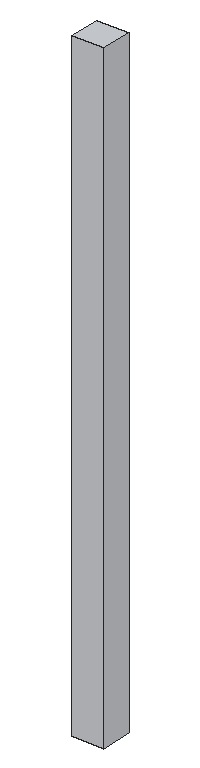
Revit family "SB-Свая", category Несущие колонны, Revit 2017
Family settings
  Форма сечения = Не задано
  Материал для поведения модели = Прочее
  Всегда экспортировать в виде геометрии = Нет
  Сокращение балок на планах = По ограничивающему прямоугольнику
  Номер OmniClass = 23.25.05.00
  Заголовок OmniClass = Foundations
  На основе рабочей плоскости = Нет
  При загрузке вырезать с полостями = Нет
  Условное обозначение = Из семейства
  Общий = Да
  Показывать семейство разрезанным на планах = Да
Parameters (values of type "С60.30")
  Фиктивный сдвиг низа срубки [instance] = if(Срубка вкл, Рзм.ДлинаБалкиИстинная, Рзм.ДлинаБалкиИстинная - 1 mm)  # 5999 mm
  Рзм.ОтметкаРасположения [instance] = 0 mm
  Рзм.ОтметкаНизаПлиты [instance] = 0 mm
  Рзм.ОтметкаВерха [instance] = Рзм.ОтметкаРасположения + Рзм.Длина  # 6000 mm
  Рзм.ДлинаБалкиИстинная [instance] = Рзм.Длина - Высота срубаемой части  # 6000 mm
  Орг.ДиапазонПозиций2 [instance] = ""
  Орг.ДиапазонПозиций [instance] = ""
  О_Позиция [instance] = ""
  Диаметр обозначения [instance] = Рзм.Ширина + 280 mm  # 580 mm
  Срубка вкл [instance] = Высота срубаемой части > 0 mm  # no
  Рядовая_тип 9 [instance] = [N типа рядовой (1-10)] = 9  # no
  Рядовая_тип 8 [instance] = [N типа рядовой (1-10)] = 8  # no
  Рядовая_тип 7 [instance] = [N типа рядовой (1-10)] = 7  # no
  Рядовая_тип 6 [instance] = [N типа рядовой (1-10)] = 6  # no
  Рядовая_тип 5 [instance] = [N типа рядовой (1-10)] = 5  # no
  Рядовая_тип 4 [instance] = [N типа рядовой (1-10)] = 4  # no
  Рядовая_тип 3 [instance] = [N типа рядовой (1-10)] = 3  # no
  Рядовая_тип 2 [instance] = [N типа рядовой (1-10)] = 2  # no
  Рядовая_тип 10 [instance] = [N типа рядовой (1-10)] = 10  # no
  Рядовая_тип 1 [instance] = [N типа рядовой (1-10)] = 1  # no
  Рзм.Ширина = 300 mm
  Рзм.Длина = 6000 mm
  О_Обозначение = "1.011.1-10, выпуск 1"
  О_Наименование = "Свая"
  О_МассаКг = 1380.00 kg
  Мрк.МаркаПодтипа [instance] = if(and(Анкерная, Испытуемая), "Ошибка", if(Анкерная, "Анкерная", if(Испытуемая, "Испытуемая подвергается стат. испытанию", "Рядовая")))  # "Рядовая"
  Мрк.МаркаИзделия = "С60.30"
  Structural Material = (empty or 0)
  Испытуемая [instance] = no
  Высота срубаемой части [instance] = 0 mm
  Описание = "Сваи"
  Type Image = (empty or 0)
  Type Comments = ""
  Manufacturer = ""
  Model = ""
  Анкерная [instance] = no
  URL = ""
  N типа рядовой (1-10) [instance] = 0
Reference planes
  plane 1 "По центру (Вперед/Назад)": y = 0
  plane 2: z = 0
  plane 3 "По центру (Влево/Вправо)": x = 0
  plane 4: y = 150
  plane 5: y = -150
  plane 6: x = 150
  plane 7: x = -150
  plane 8: y = 290
  plane 9: y = -290
  plane 10: x = -290
  plane 11: x = 290
Forms (mm)
  Extrusion 1, solid
    sketch origin (0, 0, 0) x (1, 0, 0) y (0, 1, 0)
      loop
        line (-150, 150) -> (-150, -150) -> (150, -150) -> (150, 150) -> (-150, 150)
    from 0 to 6000 <- "Рзм.ДлинаБалкиИстинная"
  Extrusion 2, solid, material "Остекление", visible <- "Срубка вкл"
    sketch origin (0, 0, 0) x (1, 0, 0) y (0, 1, 0)
      loop
        line (-150, 150) -> (-150, -150) -> (150, -150) -> (150, 150) -> (-150, 150)
    from 6000 <- "Рзм.Длина" to 5999 <- "Фиктивный сдвиг низа срубки"
Lines and regions (mm)
  symbolic lines, style "Тонкая_ум S/3=0.2 мм", visible <- "Испытуемая"
    curve 1: circle (0, 0, 0) r 290 normal (0, 0, 1)
  symbolic lines, style "Тонкая_ум S/3=0.2 мм"
    curve 2: line (-190, 0, 0) -> (190, 0, 0)
    curve 11: line (0, 190, 0) -> (0, -190, 0)
  model lines, visible <- "Анкерная"
    curve 3: line (-290, 0, 0) -> (0, 290, 0)
    curve 4: line (0, -290, 0) -> (-290, 0, 0)
    curve 5: line (290, 0, 0) -> (0, -290, 0)
    curve 6: line (0, 290, 0) -> (290, 0, 0)
  symbolic lines, visible <- "Анкерная"
    curve 7: line (0, 290, 0) -> (290, 0, 0)
    curve 8: line (290, 0, 0) -> (0, -290, 0)
    curve 9: line (0, -290, 0) -> (-290, 0, 0)
    curve 10: line (-290, 0, 0) -> (0, 290, 0)
Dimensions and locks
  equal spacing: plane 4, plane 1 "По центру (Вперед/Назад)", plane 5
  equal spacing: plane 7, plane 3 "По центру (Влево/Вправо)", plane 6
  "Рзм.Ширина": plane 4 to plane 5
  "Рзм.Ширина": plane 7 to plane 6
  "Диаметр обозначения": plane 8 to plane 9
  equal spacing: plane 8, plane 1 "По центру (Вперед/Назад)", plane 9
  equal spacing: plane 10, plane 3 "По центру (Влево/Вправо)", plane 11
  "Диаметр обозначения": plane 10 to plane 11
  "Диаметр обозначения": diameter of curve 1
  aligned and locked: Extrusion 1 to level
  aligned and locked: plane 11 to curve 8
  aligned and locked: plane 1 "По центру (Вперед/Назад)" to curve 8
  aligned and locked: plane 3 "По центру (Влево/Вправо)" to curve 9
  aligned and locked: plane 9 to curve 9
  aligned and locked: plane 3 "По центру (Влево/Вправо)" to nested 1
  aligned and locked: plane 3 "По центру (Влево/Вправо)" to nested 2
  aligned and locked: plane 3 "По центру (Влево/Вправо)" to nested 3
  aligned and locked: plane 3 "По центру (Влево/Вправо)" to nested 4
  aligned and locked: plane 3 "По центру (Влево/Вправо)" to nested 5
  aligned and locked: plane 3 "По центру (Влево/Вправо)" to nested 6
  aligned and locked: plane 3 "По центру (Влево/Вправо)" to nested 7
  aligned and locked: plane 3 "По центру (Влево/Вправо)" to nested 8
  aligned and locked: plane 3 "По центру (Влево/Вправо)" to nested 9
  aligned and locked: plane 1 "По центру (Вперед/Назад)" to nested 7
  aligned and locked: plane 1 "По центру (Вперед/Назад)" to nested 5
  aligned and locked: plane 1 "По центру (Вперед/Назад)" to nested 3
  aligned and locked: plane 1 "По центру (Вперед/Назад)" to nested 2
  aligned and locked: plane 1 "По центру (Вперед/Назад)" to nested 1
  aligned and locked: plane 1 "По центру (Вперед/Назад)" to nested 8
  aligned and locked: plane 1 "По центру (Вперед/Назад)" to nested 4
  aligned and locked: plane 1 "По центру (Вперед/Назад)" to nested 9
  aligned and locked: plane 1 "По центру (Вперед/Назад)" to nested 6
  aligned and locked: curve 11 to plane 3 "По центру (Влево/Вправо)"
  aligned and locked: level to plane 2
Automatic sketch dimensions
  Extrusion 2 sketch curve to plane 5 = 0 mm
  Extrusion 2 sketch curve to plane 7 = 0 mm
  Extrusion 2 sketch curve to plane 6 = 0 mm
  Extrusion 2 sketch curve to plane 4 = 0 mm
  Extrusion 1 sketch curve to plane 5 = 0 mm
  Extrusion 1 sketch curve to plane 7 = 0 mm
  Extrusion 1 sketch curve to plane 6 = 0 mm
  Extrusion 1 sketch curve to plane 4 = 0 mm
  plane 1 "По центру (Вперед/Назад)" to curve 2 = 0 mm
  curve 4 to plane 3 "По центру (Влево/Вправо)" = 0 mm
  plane 1 "По центру (Вперед/Назад)" to curve 4 = 0 mm
  plane 7 to curve 2 = 40 mm
  plane 6 to curve 2 = 40 mm
  curve 11 to plane 5 = 40 mm
  plane 4 to curve 11 = 40 mm
Nested families
  nested 1: "Обозначение_тип_сваи_рядовая 2" at (0, 0, 0), visible <- "Рядовая_тип 2", Рзм.Ширина <- "Рзм.Ширина", type "Обозначение_тип_сваи_рядовая 2"
    with Рзм.Ширина 300 mm
  nested 2: "Обозначение_тип_сваи_рядовая 9" at (0, 0, 0), visible <- "Рядовая_тип 9", Рзм.Ширина <- "Рзм.Ширина", type "Обозначение_тип_сваи_рядовая 9"
    with Рзм.Ширина 300 mm
  nested 3: "Обозначение_тип_сваи_рядовая 8" at (0, 0, 0), visible <- "Рядовая_тип 8", Рзм.Ширина <- "Рзм.Ширина", type "Обозначение_тип_сваи_рядовая 8"
    with Рзм.Ширина 300 mm
  nested 4: "Обозначение_тип_сваи_рядовая 6" at (0, 0, 0), visible <- "Рядовая_тип 6", Рзм.Ширина <- "Рзм.Ширина", type "Обозначение_тип_сваи_рядовая 6"
    with Рзм.Ширина 300 mm
  nested 5: "Обозначение_тип_сваи_рядовая 10" at (0, 0, 0), visible <- "Рядовая_тип 10", Рзм.Ширина <- "Рзм.Ширина", type "Обозначение_тип_сваи_рядовая 10"
    with Рзм.Ширина 300 mm
  nested 6: "Обозначение_тип_сваи_рядовая 5" at (0, 0, 0), visible <- "Рядовая_тип 5", Рзм.Ширина <- "Рзм.Ширина", type "Обозначение_тип_сваи_рядовая 5"
    with Рзм.Ширина 300 mm
  nested 7: "Обозначение_тип_сваи_рядовая 7" at (0, 0, 0), visible <- "Рядовая_тип 7", Рзм.Ширина <- "Рзм.Ширина", type "Обозначение_тип_сваи_рядовая 7"
    with Рзм.Ширина 300 mm
  nested 8: "Обозначение_тип_сваи_рядовая 4" at (0, 0, 0), visible <- "Рядовая_тип 4", Рзм.Ширина <- "Рзм.Ширина", type "Обозначение_тип_сваи_рядовая 4"
    with Рзм.Ширина 300 mm
  nested 9: "Обозначение_тип_сваи_рядовая 3" at (0, 0, 0), visible <- "Рядовая_тип 3", Рзм.Ширина <- "Рзм.Ширина", type "Обозначение_тип_сваи_рядовая 3"
    with Рзм.Ширина 300 mm
Definition of nested family "Обозначение_тип_сваи_рядовая 2"
  Parameters (values of type "Обозначение_тип_сваи_рядовая 2")
    Рзм.Ширина [instance] = 400 mm
  Reference planes
    plane 1 "По центру (Вперед/Назад)": y = 0
    plane 2: z = 0
    plane 3 "По центру (Влево/Вправо)": x = 0
    plane 4: y = 200
    plane 5: y = -200
    plane 6: x = -200
    plane 7: x = 200
  Lines and regions (mm)
    Filled region 1, type "Сплошная заливка - Черный", in view "Опорный уровень"
      outline origin (0, 0, 0) x (1, 0, 0) y (0, 1, 0)
        loop
          line (-200, 200) -> (-200, -200) -> (200, 200) -> (-200, 200)
  Dimensions and locks
    equal spacing: plane 4, plane 1 "По центру (Вперед/Назад)", plane 5
    equal spacing: plane 6, plane 3 "По центру (Влево/Вправо)", plane 7
    "Рзм.Ширина": plane 4 to plane 5
    "Рзм.Ширина": plane 6 to plane 7
    aligned and locked: Filled region 1 sketch curve to plane 4
    aligned and locked: Filled region 1 sketch curve to plane 6
  Automatic sketch dimensions
    Filled region 1 sketch curve to plane 7 = 0 mm
    Filled region 1 sketch curve to plane 5 = 0 mm
Definition of nested family "Обозначение_тип_сваи_рядовая 9"
  Parameters (values of type "Обозначение_тип_сваи_рядовая 9")
    Рзм.Ширина [instance] = 400 mm
  Reference planes
    plane 1 "По центру (Вперед/Назад)": y = 0
    plane 2: z = 0
    plane 3 "По центру (Влево/Вправо)": x = 0
    plane 4: y = 200
    plane 5: y = -200
    plane 6: x = -200
    plane 7: x = 200
  Lines and regions (mm)
    Filled region 1, type "Сплошная заливка - Черный", in view "Опорный уровень"
      outline origin (0, 0, 0) x (1, 0, 0) y (0, 1, 0)
        loop
          line (-200, 0) -> (0, -200) -> (200, 0) -> (0, 200) -> (-200, 0)
  Dimensions and locks
    equal spacing: plane 4, plane 1 "По центру (Вперед/Назад)", plane 5
    equal spacing: plane 6, plane 3 "По центру (Влево/Вправо)", plane 7
    "Рзм.Ширина": plane 4 to plane 5
    "Рзм.Ширина": plane 6 to plane 7
    aligned and locked: plane 4 to Filled region 1 sketch curve
    aligned and locked: plane 7 to Filled region 1 sketch curve
    aligned and locked: plane 5 to Filled region 1 sketch curve
    aligned and locked: plane 6 to Filled region 1 sketch curve
    aligned and locked: plane 1 "По центру (Вперед/Назад)" to Filled region 1 sketch curve  (x2)
    aligned and locked: plane 3 "По центру (Влево/Вправо)" to Filled region 1 sketch curve  (x2)
Definition of nested family "Обозначение_тип_сваи_рядовая 8"
  Parameters (values of type "Обозначение_тип_сваи_рядовая 8")
    Рзм.Ширина [instance] = 400 mm
  Reference planes
    plane 1 "По центру (Вперед/Назад)": y = 0
    plane 2: z = 0
    plane 3 "По центру (Влево/Вправо)": x = 0
    plane 4: y = 200
    plane 5: y = -200
    plane 6: x = -200
    plane 7: x = 200
  Lines and regions (mm)
    Filled region 1, type "Сплошная заливка - Черный", in view "Опорный уровень"
      outline origin (0, 0, 0) x (1, 0, 0) y (0, 1, 0)
        loop
          line (200, 200) -> (-200, 200) -> (0, 0) -> (-200, -200) -> (200, -200) -> (200, 200)
  Dimensions and locks
    equal spacing: plane 4, plane 1 "По центру (Вперед/Назад)", plane 5
    equal spacing: plane 6, plane 3 "По центру (Влево/Вправо)", plane 7
    "Рзм.Ширина": plane 4 to plane 5
    "Рзм.Ширина": plane 6 to plane 7
    aligned and locked: plane 7 to Filled region 1 sketch curve
    aligned and locked: plane 5 to Filled region 1 sketch curve
    aligned and locked: plane 4 to Filled region 1 sketch curve
    aligned and locked: plane 6 to Filled region 1 sketch curve  (x2)
    aligned and locked: plane 3 "По центру (Влево/Вправо)" to Filled region 1 sketch curve
    aligned and locked: plane 1 "По центру (Вперед/Назад)" to Filled region 1 sketch curve
Definition of nested family "Обозначение_тип_сваи_рядовая 6"
  Parameters (values of type "Обозначение_тип_сваи_рядовая 6")
    Рзм.Ширина [instance] = 500 mm
  Reference planes
    plane 1 "По центру (Вперед/Назад)": y = 0
    plane 2: z = 0
    plane 3 "По центру (Влево/Вправо)": x = 0
    plane 4: y = 250
    plane 5: y = -250
    plane 6: x = -250
    plane 7: x = 250
  Lines and regions (mm)
    Filled region 1, type "Сплошная заливка - Черный", in view "Опорный уровень"
      outline origin (0, 0, 0) x (1, 0, 0) y (0, 1, 0)
        loop
          line (0, 0) -> (-250, 250) -> (-250, -250) -> (0, 0)
  Dimensions and locks
    equal spacing: plane 4, plane 1 "По центру (Вперед/Назад)", plane 5
    equal spacing: plane 6, plane 3 "По центру (Влево/Вправо)", plane 7
    "Рзм.Ширина": plane 4 to plane 5
    "Рзм.Ширина": plane 6 to plane 7
    aligned and locked: plane 5 to Filled region 1 sketch curve
    aligned and locked: plane 4 to Filled region 1 sketch curve
    aligned and locked: plane 6 to Filled region 1 sketch curve  (x2)
    aligned and locked: plane 3 "По центру (Влево/Вправо)" to Filled region 1 sketch curve
    aligned and locked: plane 1 "По центру (Вперед/Назад)" to Filled region 1 sketch curve
Definition of nested family "Обозначение_тип_сваи_рядовая 10"
  Parameters (values of type "Обозначение_тип_сваи_рядовая 10")
    Рзм.Ширина [instance] = 500 mm
  Reference planes
    plane 1 "По центру (Вперед/Назад)": y = 0
    plane 2: z = 0
    plane 3 "По центру (Влево/Вправо)": x = 0
    plane 4: y = 250
    plane 5: y = -250
    plane 6: x = -250
    plane 7: x = 250
  Lines and regions (mm)
    Filled region 1, type "Сплошная заливка - Черный", in view "Опорный уровень"
      outline origin (0, 0, 0) x (1, 0, 0) y (0, 1, 0)
        loop
          line (-250, 250) -> (-250, -250) -> (250, -250) -> (250, 250) -> (-250, 250)
  Dimensions and locks
    equal spacing: plane 4, plane 1 "По центру (Вперед/Назад)", plane 5
    equal spacing: plane 6, plane 3 "По центру (Влево/Вправо)", plane 7
    "Рзм.Ширина": plane 4 to plane 5
    "Рзм.Ширина": plane 6 to plane 7
    aligned and locked: plane 7 to Filled region 1 sketch curve
    aligned and locked: Filled region 1 sketch curve to plane 6
    aligned and locked: plane 5 to Filled region 1 sketch curve
    aligned and locked: Filled region 1 sketch curve to plane 4
Definition of nested family "Обозначение_тип_сваи_рядовая 5"
  Parameters (values of type "Обозначение_тип_сваи_рядовая 5")
    Рзм.Ширина [instance] = 500 mm
  Reference planes
    plane 1 "По центру (Вперед/Назад)": y = 0
    plane 2: z = 0
    plane 3 "По центру (Влево/Вправо)": x = 0
    plane 4: y = 250
    plane 5: y = -250
    plane 6: x = -250
    plane 7: x = 250
  Lines and regions (mm)
    Filled region 1, type "Сплошная заливка - Черный", in view "Опорный уровень"
      outline origin (0, 0, 0) x (1, 0, 0) y (0, 1, 0)
        loop
          line (-250, 250) -> (-250, 0) -> (0, 0) -> (0, 250) -> (-250, 250)
  Dimensions and locks
    equal spacing: plane 4, plane 1 "По центру (Вперед/Назад)", plane 5
    equal spacing: plane 6, plane 3 "По центру (Влево/Вправо)", plane 7
    "Рзм.Ширина": plane 4 to plane 5
    "Рзм.Ширина": plane 6 to plane 7
    aligned and locked: Filled region 1 sketch curve to plane 6
    aligned and locked: Filled region 1 sketch curve to plane 4
    aligned and locked: Filled region 1 sketch curve to plane 3 "По центру (Влево/Вправо)"
    aligned and locked: Filled region 1 sketch curve to plane 1 "По центру (Вперед/Назад)"
Definition of nested family "Обозначение_тип_сваи_рядовая 7"
  Parameters (values of type "Обозначение_тип_сваи_рядовая 7")
    Рзм.Ширина [instance] = 500 mm
  Reference planes
    plane 1 "По центру (Вперед/Назад)": y = 0
    plane 2: z = 0
    plane 3 "По центру (Влево/Вправо)": x = 0
    plane 4: y = 250
    plane 5: y = -250
    plane 6: x = -250
    plane 7: x = 250
  Lines and regions (mm)
    Filled region 1, type "Сплошная заливка - Черный", in view "Опорный уровень"
      outline origin (0, 0, 0) x (1, 0, 0) y (0, 1, 0)
        loop
          line (250, 250) -> (0, 250) -> (0, 0) -> (-250, 0) -> (-250, -250) -> (250, -250) -> (250, 250)
  Dimensions and locks
    equal spacing: plane 4, plane 1 "По центру (Вперед/Назад)", plane 5
    equal spacing: plane 6, plane 3 "По центру (Влево/Вправо)", plane 7
    "Рзм.Ширина": plane 4 to plane 5
    "Рзм.Ширина": plane 6 to plane 7
    aligned and locked: Filled region 1 sketch curve to plane 6
    aligned and locked: Filled region 1 sketch curve to plane 4
    aligned and locked: Filled region 1 sketch curve to plane 3 "По центру (Влево/Вправо)"
    aligned and locked: Filled region 1 sketch curve to plane 1 "По центру (Вперед/Назад)"
    aligned and locked: Filled region 1 sketch curve to plane 7
    aligned and locked: Filled region 1 sketch curve to plane 5
Definition of nested family "Обозначение_тип_сваи_рядовая 4"
  Parameters (values of type "Обозначение_тип_сваи_рядовая 4")
    Рзм.Ширина [instance] = 600 mm
  Reference planes
    plane 1 "По центру (Вперед/Назад)": y = 0
    plane 2: z = 0
    plane 3 "По центру (Влево/Вправо)": x = 0
    plane 4: y = 300
    plane 5: y = -300
    plane 6: x = 300
    plane 7: x = -300
  Lines and regions (mm)
    Filled region 1, type "Сплошная заливка - Черный", in view "Опорный уровень"
      outline origin (0, 0, 0) x (1, 0, 0) y (0, 1, 0)
        loop
          line (0, 0) -> (0, 300) -> (-300, 300) -> (-300, 0) -> (0, 0)
    Filled region 2, type "Сплошная заливка - Черный", in view "Опорный уровень"
      outline origin (0, 0, 0) x (1, 0, 0) y (0, 1, 0)
        loop
          line (0, -300) -> (300, -300) -> (300, 0) -> (0, 0) -> (0, -300)
  Dimensions and locks
    "Рзм.Ширина": plane 4 to plane 5
    "Рзм.Ширина": plane 7 to plane 6
    equal spacing: plane 7, plane 3 "По центру (Влево/Вправо)", plane 6
    equal spacing: plane 4, plane 1 "По центру (Вперед/Назад)", plane 5
    aligned and locked: plane 1 "По центру (Вперед/Назад)" to Filled region 1
    aligned and locked: plane 4 to Filled region 1
    aligned and locked: Filled region 1 to plane 7
    aligned and locked: plane 3 "По центру (Влево/Вправо)" to Filled region 1
    aligned and locked: Filled region 2 to plane 3 "По центру (Влево/Вправо)"
    aligned and locked: Filled region 2 to plane 5
    aligned and locked: Filled region 2 to plane 1 "По центру (Вперед/Назад)"
  Automatic sketch dimensions
    Filled region 1 sketch curve to plane 4 = 0 mm
    Filled region 1 sketch curve to plane 7 = 0 mm
    plane 1 "По центру (Вперед/Назад)" to Filled region 1 sketch curve = 0 mm
    Filled region 1 sketch curve to plane 3 "По центру (Влево/Вправо)" = 0 mm
    plane 1 "По центру (Вперед/Назад)" to Filled region 2 sketch curve = 0 mm
    Filled region 2 sketch curve to plane 3 "По центру (Влево/Вправо)" = 0 mm
    Filled region 2 sketch curve to plane 5 = 0 mm
    Filled region 2 sketch curve to plane 6 = 0 mm
Definition of nested family "Обозначение_тип_сваи_рядовая 3"
  Parameters (values of type "Обозначение_тип_сваи_рядовая 3")
    Рзм.Ширина [instance] = 400 mm
  Reference planes
    plane 1 "По центру (Вперед/Назад)": y = 0
    plane 2: z = 0
    plane 3 "По центру (Влево/Вправо)": x = 0
    plane 4: y = 200
    plane 5: y = -200
    plane 6: x = -200
    plane 7: x = 200
  Lines and regions (mm)
    Filled region 1, type "Сплошная заливка - Черный", in view "Опорный уровень"
      outline origin (0, 0, 0) x (1, 0, 0) y (0, 1, 0)
        loop
          line (-200, 200) -> (-200, 0) -> (200, 0) -> (200, 200) -> (-200, 200)
  Dimensions and locks
    equal spacing: plane 4, plane 1 "По центру (Вперед/Назад)", plane 5
    equal spacing: plane 6, plane 3 "По центру (Влево/Вправо)", plane 7
    "Рзм.Ширина": plane 4 to plane 5
    "Рзм.Ширина": plane 6 to plane 7
    aligned and locked: Filled region 1 sketch curve to plane 4
    aligned and locked: Filled region 1 sketch curve to plane 6
    aligned and locked: Filled region 1 sketch curve to plane 1 "По центру (Вперед/Назад)"
    aligned and locked: plane 7 to Filled region 1 sketch curve
